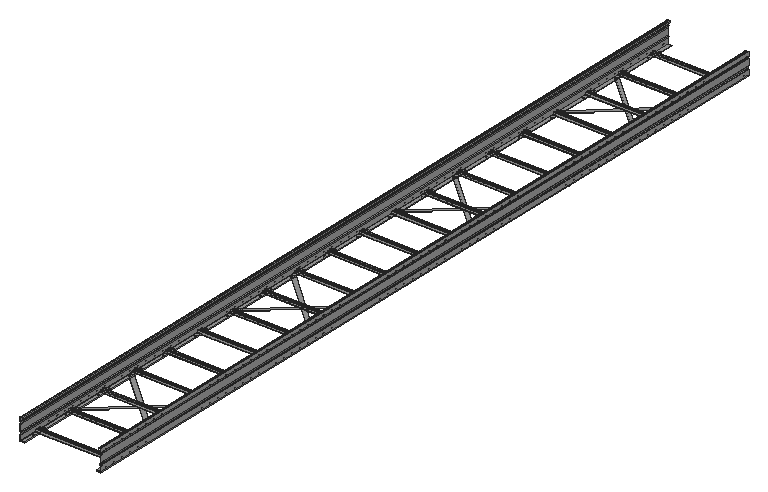
Revit family "WKLG 1660 03.09", category Generic Models, Revit 2017 (continued)
Automatic sketch dimensions
  Extrusion 137 sketch curve to Extrusion 137 sketch curve = 0.52 mm
  Extrusion 137 sketch curve to Extrusion 137 sketch curve = 0.5 mm  (x2)
  Extrusion 138 sketch curve to Extrusion 138 sketch curve = 0.505 mm
  Extrusion 138 sketch curve to Extrusion 138 sketch curve = 0.52 mm
  Extrusion 138 sketch curve to Extrusion 138 sketch curve = 0.5 mm  (x2)
  Extrusion 139 sketch curve to Extrusion 139 sketch curve = 0.505 mm
  Extrusion 139 sketch curve to Extrusion 139 sketch curve = 0.52 mm
  Extrusion 139 sketch curve to Extrusion 139 sketch curve = 0.5 mm  (x2)
  Extrusion 140 sketch curve to Extrusion 140 sketch curve = 0.505 mm
  Extrusion 140 sketch curve to Extrusion 140 sketch curve = 0.52 mm
  Extrusion 140 sketch curve to Extrusion 140 sketch curve = 0.5 mm  (x2)
  Extrusion 141 sketch curve to Extrusion 141 sketch curve = 0.505 mm
  Extrusion 141 sketch curve to Extrusion 141 sketch curve = 0.52 mm
  Extrusion 141 sketch curve to Extrusion 141 sketch curve = 0.5 mm  (x2)
  Extrusion 142 sketch curve to Extrusion 142 sketch curve = 0.505 mm
  Extrusion 142 sketch curve to Extrusion 142 sketch curve = 0.52 mm
  Extrusion 142 sketch curve to Extrusion 142 sketch curve = 0.5 mm  (x2)
  Extrusion 143 sketch curve to Extrusion 143 sketch curve = 0.505 mm
  Extrusion 143 sketch curve to Extrusion 143 sketch curve = 0.52 mm
  Extrusion 143 sketch curve to Extrusion 143 sketch curve = 0.5 mm  (x2)
  Extrusion 144 sketch curve to Extrusion 144 sketch curve = 0.505 mm
  Extrusion 144 sketch curve to Extrusion 144 sketch curve = 0.52 mm
  Extrusion 144 sketch curve to Extrusion 144 sketch curve = 0.5 mm  (x2)
  Extrusion 145 sketch curve to Extrusion 145 sketch curve = 0.505 mm
  Extrusion 145 sketch curve to Extrusion 145 sketch curve = 0.52 mm
  Extrusion 145 sketch curve to Extrusion 145 sketch curve = 0.5 mm  (x2)
  Extrusion 146 sketch curve to Extrusion 146 sketch curve = 0.505 mm
  Extrusion 146 sketch curve to Extrusion 146 sketch curve = 0.52 mm
  Extrusion 146 sketch curve to Extrusion 146 sketch curve = 0.5 mm  (x2)
  Extrusion 147 sketch curve to Extrusion 147 sketch curve = 0.505 mm
  Extrusion 147 sketch curve to Extrusion 147 sketch curve = 0.52 mm
  Extrusion 147 sketch curve to Extrusion 147 sketch curve = 0.5 mm  (x2)
  Extrusion 148 sketch curve to Extrusion 148 sketch curve = 0.505 mm
  Extrusion 148 sketch curve to Extrusion 148 sketch curve = 0.52 mm
  Extrusion 148 sketch curve to Extrusion 148 sketch curve = 0.5 mm  (x2)
  Extrusion 149 sketch curve to Extrusion 149 sketch curve = 0.505 mm
  Extrusion 149 sketch curve to Extrusion 149 sketch curve = 0.52 mm
  Extrusion 149 sketch curve to Extrusion 149 sketch curve = 0.5 mm  (x2)
  Extrusion 150 sketch curve to Extrusion 150 sketch curve = 0.505 mm
  Extrusion 150 sketch curve to Extrusion 150 sketch curve = 0.52 mm
  Extrusion 150 sketch curve to Extrusion 150 sketch curve = 0.5 mm  (x2)
  Extrusion 151 sketch curve to Extrusion 151 sketch curve = 0.505 mm
  Extrusion 151 sketch curve to Extrusion 151 sketch curve = 0.52 mm
  Extrusion 151 sketch curve to Extrusion 151 sketch curve = 0.5 mm  (x2)
  Extrusion 152 sketch curve to Extrusion 152 sketch curve = 0.505 mm
  Extrusion 152 sketch curve to Extrusion 152 sketch curve = 0.52 mm
  Extrusion 152 sketch curve to Extrusion 152 sketch curve = 0.5 mm  (x2)
  Extrusion 153 sketch curve to Extrusion 153 sketch curve = 0.505 mm
  Extrusion 153 sketch curve to Extrusion 153 sketch curve = 0.52 mm
  Extrusion 153 sketch curve to Extrusion 153 sketch curve = 0.5 mm  (x2)
  Extrusion 154 sketch curve to Extrusion 154 sketch curve = 0.505 mm
  Extrusion 154 sketch curve to Extrusion 154 sketch curve = 0.52 mm
  Extrusion 154 sketch curve to Extrusion 154 sketch curve = 0.5 mm  (x2)
  Extrusion 155 sketch curve to Extrusion 155 sketch curve = 0.505 mm
  Extrusion 155 sketch curve to Extrusion 155 sketch curve = 0.52 mm
  Extrusion 155 sketch curve to Extrusion 155 sketch curve = 0.5 mm  (x2)
  Extrusion 156 sketch curve to Extrusion 156 sketch curve = 0.505 mm
  Extrusion 156 sketch curve to Extrusion 156 sketch curve = 0.52 mm
  Extrusion 156 sketch curve to Extrusion 156 sketch curve = 0.5 mm  (x2)
  Extrusion 157 sketch curve to Extrusion 157 sketch curve = 0.505 mm
  Extrusion 157 sketch curve to Extrusion 157 sketch curve = 0.52 mm
  Extrusion 157 sketch curve to Extrusion 157 sketch curve = 0.5 mm  (x2)
  Extrusion 158 sketch curve to Extrusion 158 sketch curve = 0.505 mm
  Extrusion 158 sketch curve to Extrusion 158 sketch curve = 0.52 mm
  Extrusion 158 sketch curve to Extrusion 158 sketch curve = 0.5 mm  (x2)
  Extrusion 159 sketch curve to Extrusion 159 sketch curve = 0.505 mm
  Extrusion 159 sketch curve to Extrusion 159 sketch curve = 0.52 mm
  Extrusion 159 sketch curve to Extrusion 159 sketch curve = 0.5 mm  (x2)
  Extrusion 160 sketch curve to Extrusion 160 sketch curve = 0.505 mm
  Extrusion 160 sketch curve to Extrusion 160 sketch curve = 0.52 mm
  Extrusion 160 sketch curve to Extrusion 160 sketch curve = 0.5 mm  (x2)
  Extrusion 161 sketch curve to Extrusion 161 sketch curve = 0.505 mm
  Extrusion 161 sketch curve to Extrusion 161 sketch curve = 0.52 mm
  Extrusion 161 sketch curve to Extrusion 161 sketch curve = 0.5 mm  (x2)
  Extrusion 162 sketch curve to Extrusion 162 sketch curve = 0.5 mm  (x4)
  Extrusion 163 sketch curve to Extrusion 163 sketch curve = 0.5 mm  (x4)
  Extrusion 164 sketch curve to Extrusion 164 sketch curve = 0.5 mm  (x4)
  Extrusion 165 sketch curve to Extrusion 165 sketch curve = 0.5 mm  (x4)
  Extrusion 166 sketch curve to Extrusion 166 sketch curve = 0.5 mm  (x4)
  Extrusion 167 sketch curve to Extrusion 167 sketch curve = 0.5 mm  (x4)
  Extrusion 168 sketch curve to Extrusion 168 sketch curve = 0.5 mm  (x4)
  Extrusion 169 sketch curve to Extrusion 169 sketch curve = 0.5 mm  (x4)
  Extrusion 170 sketch curve to Extrusion 170 sketch curve = 0.5 mm  (x4)
  Extrusion 171 sketch curve to Extrusion 171 sketch curve = 0.5 mm  (x4)
  Extrusion 172 sketch curve to Extrusion 172 sketch curve = 0.5 mm  (x4)
  Extrusion 173 sketch curve to Extrusion 173 sketch curve = 0.5 mm  (x4)
  Extrusion 174 sketch curve to Extrusion 174 sketch curve = 0.5 mm  (x4)
  Extrusion 175 sketch curve to Extrusion 175 sketch curve = 0.5 mm  (x4)
  Extrusion 176 sketch curve to Extrusion 176 sketch curve = 0.5 mm  (x4)
  Extrusion 177 sketch curve to Extrusion 177 sketch curve = 0.5 mm  (x4)
  Extrusion 178 sketch curve to Extrusion 178 sketch curve = 0.5 mm  (x4)
  Extrusion 179 sketch curve to Extrusion 179 sketch curve = 0.5 mm  (x4)
  Extrusion 180 sketch curve to Extrusion 180 sketch curve = 0.5 mm  (x4)
  Extrusion 181 sketch curve to Extrusion 181 sketch curve = 0.5 mm  (x4)
  Extrusion 182 sketch curve to Extrusion 182 sketch curve = 0.5 mm  (x4)
  Extrusion 183 sketch curve to Extrusion 183 sketch curve = 0.5 mm  (x4)
  Extrusion 184 sketch curve to Extrusion 184 sketch curve = 0.5 mm  (x4)
  Extrusion 185 sketch curve to Extrusion 185 sketch curve = 0.5 mm  (x4)
  Extrusion 186 sketch curve to Extrusion 186 sketch curve = 0.5 mm  (x4)
  Extrusion 187 sketch curve to Extrusion 187 sketch curve = 0.5 mm  (x4)
  Extrusion 188 sketch curve to Extrusion 188 sketch curve = 0.5 mm  (x4)
  Extrusion 189 sketch curve to Extrusion 189 sketch curve = 0.5 mm  (x4)
  Extrusion 190 sketch curve to Extrusion 190 sketch curve = 0.5 mm  (x4)
  Extrusion 191 sketch curve to Extrusion 191 sketch curve = 0.5 mm  (x4)
  Extrusion 192 sketch curve to Extrusion 192 sketch curve = 0.5 mm  (x4)
  Extrusion 193 sketch curve to Extrusion 193 sketch curve = 0.5 mm  (x4)
  Extrusion 194 sketch curve to Extrusion 194 sketch curve = 0.5 mm  (x4)
  Extrusion 195 sketch curve to Extrusion 195 sketch curve = 0.5 mm  (x4)
  Extrusion 196 sketch curve to Extrusion 196 sketch curve = 0.5 mm  (x4)
  Extrusion 197 sketch curve to Extrusion 197 sketch curve = 0.5 mm  (x4)
  Extrusion 198 sketch curve to Extrusion 198 sketch curve = 0.5 mm  (x4)
  Extrusion 199 sketch curve to Extrusion 199 sketch curve = 0.5 mm  (x4)
  Extrusion 200 sketch curve to Extrusion 200 sketch curve = 0.5 mm  (x4)
  Extrusion 201 sketch curve to Extrusion 201 sketch curve = 0.5 mm  (x4)
  Extrusion 202 sketch curve to Extrusion 202 sketch curve = 0.5 mm  (x4)
  Extrusion 203 sketch curve to Extrusion 203 sketch curve = 0.5 mm  (x4)
  Extrusion 204 sketch curve to Extrusion 204 sketch curve = 0.5 mm  (x4)
  Extrusion 205 sketch curve to Extrusion 205 sketch curve = 0.5 mm  (x4)
  Extrusion 206 sketch curve to Extrusion 206 sketch curve = 0.5 mm  (x4)
  Extrusion 207 sketch curve to Extrusion 207 sketch curve = 0.5 mm  (x4)
  Extrusion 208 sketch curve to Extrusion 208 sketch curve = 0.5 mm  (x4)
  Extrusion 209 sketch curve to Extrusion 209 sketch curve = 0.5 mm  (x4)
  Extrusion 210 sketch curve to Extrusion 210 sketch curve = 0.5 mm  (x4)
  Extrusion 211 sketch curve to Extrusion 211 sketch curve = 0.5 mm  (x4)
  Extrusion 212 sketch curve to Extrusion 212 sketch curve = 0.5 mm  (x4)
  Extrusion 213 sketch curve to Extrusion 213 sketch curve = 0.5 mm  (x4)
  Extrusion 214 sketch curve to Extrusion 214 sketch curve = 0.5 mm  (x4)
  Extrusion 215 sketch curve to Extrusion 215 sketch curve = 0.5 mm  (x4)
  Extrusion 216 sketch curve to Extrusion 216 sketch curve = 0.5 mm  (x4)
  Extrusion 217 sketch curve to Extrusion 217 sketch curve = 0.5 mm  (x4)
  Extrusion 218 sketch curve to Extrusion 218 sketch curve = 0.5 mm  (x4)
  Extrusion 219 sketch curve to Extrusion 219 sketch curve = 0.5 mm  (x4)
  Extrusion 220 sketch curve to Extrusion 220 sketch curve = 0.5 mm  (x4)
  Extrusion 221 sketch curve to Extrusion 221 sketch curve = 0.5 mm  (x4)
  Extrusion 222 sketch curve to Extrusion 222 sketch curve = 0.5 mm  (x4)
  Extrusion 223 sketch curve to Extrusion 223 sketch curve = 0.5 mm  (x4)
  Extrusion 224 sketch curve to Extrusion 224 sketch curve = 0.5 mm  (x4)
  Extrusion 225 sketch curve to Extrusion 225 sketch curve = 0.5 mm  (x4)
  Extrusion 226 sketch curve to Extrusion 226 sketch curve = 0.5 mm  (x4)
  Extrusion 227 sketch curve to Extrusion 227 sketch curve = 0.5 mm  (x4)
  Extrusion 228 sketch curve to Extrusion 228 sketch curve = 0.5 mm  (x4)
  Extrusion 229 sketch curve to Extrusion 229 sketch curve = 0.5 mm  (x4)
  Extrusion 230 sketch curve to Extrusion 230 sketch curve = 0.5 mm  (x4)
  Extrusion 231 sketch curve to Extrusion 231 sketch curve = 0.5 mm  (x4)
  Extrusion 232 sketch curve to Extrusion 232 sketch curve = 0.5 mm  (x4)
  Extrusion 233 sketch curve to Extrusion 233 sketch curve = 0.5 mm  (x4)
  Extrusion 234 sketch curve to Extrusion 234 sketch curve = 0.5 mm  (x4)
  Extrusion 235 sketch curve to Extrusion 235 sketch curve = 0.5 mm  (x4)
  Extrusion 236 sketch curve to Extrusion 236 sketch curve = 0.5 mm  (x4)
  Extrusion 237 sketch curve to Extrusion 237 sketch curve = 0.5 mm  (x4)
  Extrusion 238 sketch curve to Extrusion 238 sketch curve = 0.5 mm  (x4)
  Extrusion 239 sketch curve to Extrusion 239 sketch curve = 0.5 mm  (x4)
  Extrusion 240 sketch curve to Extrusion 240 sketch curve = 0.5 mm  (x4)
  Extrusion 241 sketch curve to Extrusion 241 sketch curve = 0.5 mm  (x4)
  Extrusion 242 sketch curve to Extrusion 242 sketch curve = 0.5 mm  (x4)
  Extrusion 243 sketch curve to Extrusion 243 sketch curve = 0.5 mm  (x4)
  Extrusion 244 sketch curve to Extrusion 244 sketch curve = 0.5 mm  (x4)
  Extrusion 245 sketch curve to Extrusion 245 sketch curve = 0.5 mm  (x4)
  Extrusion 246 sketch curve to Extrusion 246 sketch curve = 0.5 mm  (x4)
  Extrusion 247 sketch curve to Extrusion 247 sketch curve = 0.5 mm  (x4)
  Extrusion 248 sketch curve to Extrusion 248 sketch curve = 0.5 mm  (x4)
  Extrusion 249 sketch curve to Extrusion 249 sketch curve = 0.5 mm  (x4)
  Extrusion 250 sketch curve to Extrusion 250 sketch curve = 0.5 mm  (x4)
  Extrusion 251 sketch curve to Extrusion 251 sketch curve = 0.5 mm  (x4)
  Extrusion 252 sketch curve to Extrusion 252 sketch curve = 0.5 mm  (x4)
  Extrusion 253 sketch curve to Extrusion 253 sketch curve = 0.5 mm  (x4)
  Extrusion 254 sketch curve to Extrusion 254 sketch curve = 0.5 mm  (x4)
  Extrusion 255 sketch curve to Extrusion 255 sketch curve = 0.5 mm  (x4)
  Extrusion 256 sketch curve to Extrusion 256 sketch curve = 0.5 mm  (x4)
  Extrusion 257 sketch curve to Extrusion 257 sketch curve = 0.5 mm  (x4)
  Extrusion 258 sketch curve to Extrusion 258 sketch curve = 0.5 mm  (x4)
  Extrusion 259 sketch curve to Extrusion 259 sketch curve = 0.5 mm  (x4)
  Extrusion 260 sketch curve to Extrusion 260 sketch curve = 0.5 mm  (x4)
  Extrusion 261 sketch curve to Extrusion 261 sketch curve = 0.5 mm  (x4)
  Extrusion 262 sketch curve to Extrusion 262 sketch curve = 0.5 mm  (x4)
  Extrusion 263 sketch curve to Extrusion 263 sketch curve = 0.5 mm  (x4)
  Extrusion 264 sketch curve to Extrusion 264 sketch curve = 0.5 mm  (x4)
  Extrusion 265 sketch curve to Extrusion 265 sketch curve = 0.5 mm  (x4)
  Extrusion 266 sketch curve to Extrusion 266 sketch curve = 0.5 mm  (x4)
  Extrusion 267 sketch curve to Extrusion 267 sketch curve = 0.5 mm  (x4)
  Extrusion 268 sketch curve to Extrusion 268 sketch curve = 0.5 mm  (x4)
  Extrusion 269 sketch curve to Extrusion 269 sketch curve = 0.5 mm  (x4)
  Extrusion 270 sketch curve to Extrusion 270 sketch curve = 0.5 mm  (x4)
  Extrusion 271 sketch curve to Extrusion 271 sketch curve = 0.5 mm  (x4)
  Extrusion 272 sketch curve to Extrusion 272 sketch curve = 0.5 mm  (x4)
  Extrusion 273 sketch curve to Extrusion 273 sketch curve = 0.5 mm  (x4)
  Extrusion 274 sketch curve to Extrusion 274 sketch curve = 0.5 mm  (x4)
  Extrusion 275 sketch curve to Extrusion 275 sketch curve = 0.5 mm  (x4)
  Extrusion 276 sketch curve to Extrusion 276 sketch curve = 0.5 mm  (x4)
  Extrusion 277 sketch curve to Extrusion 277 sketch curve = 0.5 mm  (x4)
  Extrusion 278 sketch curve to Extrusion 278 sketch curve = 0.5 mm  (x4)
  Extrusion 279 sketch curve to Extrusion 279 sketch curve = 0.5 mm  (x4)
  Extrusion 280 sketch curve to Extrusion 280 sketch curve = 0.5 mm  (x4)
  Extrusion 281 sketch curve to Extrusion 281 sketch curve = 0.5 mm  (x4)
  Extrusion 282 sketch curve to Extrusion 282 sketch curve = 0.5 mm  (x4)
  Extrusion 283 sketch curve to Extrusion 283 sketch curve = 0.5 mm  (x4)
  Extrusion 284 sketch curve to Extrusion 284 sketch curve = 0.5 mm  (x4)
  Extrusion 285 sketch curve to Extrusion 285 sketch curve = 0.5 mm  (x4)
  Extrusion 286 sketch curve to Extrusion 286 sketch curve = 0.5 mm  (x4)
  Extrusion 287 sketch curve to Extrusion 287 sketch curve = 0.5 mm  (x4)
  Extrusion 288 sketch curve to Extrusion 288 sketch curve = 0.5 mm  (x4)
  Extrusion 289 sketch curve to Extrusion 289 sketch curve = 0.5 mm  (x4)
  Extrusion 290 sketch curve to Extrusion 290 sketch curve = 0.5 mm  (x4)
  Extrusion 291 sketch curve to Extrusion 291 sketch curve = 0.5 mm  (x4)
  Extrusion 292 sketch curve to Extrusion 292 sketch curve = 0.5 mm  (x4)
  Extrusion 293 sketch curve to Extrusion 293 sketch curve = 0.5 mm  (x4)
  Extrusion 294 sketch curve to Extrusion 294 sketch curve = 0.5 mm  (x4)
  Extrusion 295 sketch curve to Extrusion 295 sketch curve = 0.5 mm  (x4)
  Extrusion 296 sketch curve to Extrusion 296 sketch curve = 0.5 mm  (x4)
  Extrusion 297 sketch curve to Extrusion 297 sketch curve = 0.5 mm  (x4)
  Extrusion 298 sketch curve to Extrusion 298 sketch curve = 0.5 mm  (x4)
  Extrusion 299 sketch curve to Extrusion 299 sketch curve = 0.5 mm  (x4)
  Extrusion 300 sketch curve to Extrusion 300 sketch curve = 0.5 mm  (x4)
  Extrusion 301 sketch curve to Extrusion 301 sketch curve = 0.5 mm  (x4)
  Extrusion 302 sketch curve to Extrusion 302 sketch curve = 0.5 mm  (x4)
  Extrusion 303 sketch curve to Extrusion 303 sketch curve = 0.5 mm  (x4)
  Extrusion 304 sketch curve to Extrusion 304 sketch curve = 0.5 mm  (x4)
  Extrusion 305 sketch curve to Extrusion 305 sketch curve = 0.5 mm  (x4)
  Extrusion 306 sketch curve to Extrusion 306 sketch curve = 0.5 mm  (x4)
  Extrusion 307 sketch curve to Extrusion 307 sketch curve = 0.5 mm  (x4)
  Extrusion 308 sketch curve to Extrusion 308 sketch curve = 0.5 mm  (x4)
  Extrusion 309 sketch curve to Extrusion 309 sketch curve = 0.5 mm  (x4)
  Extrusion 310 sketch curve to Extrusion 310 sketch curve = 0.5 mm  (x4)
  Extrusion 311 sketch curve to Extrusion 311 sketch curve = 0.5 mm  (x4)
  Extrusion 312 sketch curve to Extrusion 312 sketch curve = 0.5 mm  (x4)
  Extrusion 313 sketch curve to Extrusion 313 sketch curve = 0.5 mm  (x4)
  Extrusion 314 sketch curve to Extrusion 314 sketch curve = 0.5 mm  (x4)
  Extrusion 315 sketch curve to Extrusion 315 sketch curve = 0.5 mm  (x4)
  Extrusion 316 sketch curve to Extrusion 316 sketch curve = 0.5 mm  (x4)
  Extrusion 317 sketch curve to Extrusion 317 sketch curve = 0.5 mm  (x4)
  Extrusion 318 sketch curve to Extrusion 318 sketch curve = 0.5 mm  (x4)
  Extrusion 319 sketch curve to Extrusion 319 sketch curve = 0.5 mm  (x4)
  Extrusion 320 sketch curve to Extrusion 320 sketch curve = 0.5 mm  (x4)
  Extrusion 321 sketch curve to Extrusion 321 sketch curve = 0.5 mm  (x4)
  Extrusion 323 sketch curve to plane 23 = 2.5 mm
  Extrusion 324 sketch curve to plane 24 = 2.5 mm
  Extrusion 325 sketch curve to plane 25 = 2.5 mm
  Extrusion 326 sketch curve to plane 26 = 2.5 mm
  Extrusion 327 sketch curve to plane 27 = 2.5 mm
  Extrusion 328 sketch curve to plane 28 = 2.5 mm
  Extrusion 329 sketch curve to plane 29 = 2.5 mm
  Extrusion 330 sketch curve to plane 30 = 2.5 mm
  Extrusion 331 sketch curve to plane 31 = 2.5 mm
  Extrusion 332 sketch curve to plane 32 = 2.5 mm
  Extrusion 333 sketch curve to plane 33 = 2.5 mm
  Extrusion 334 sketch curve to plane 34 = 2.5 mm
  Extrusion 335 sketch curve to plane 35 = 2.5 mm
  Extrusion 336 sketch curve to plane 36 = 2.5 mm
  Extrusion 337 sketch curve to plane 37 = 2.5 mm
  Extrusion 338 sketch curve to plane 38 = 2.5 mm
  Extrusion 339 sketch curve to plane 39 = 2.5 mm
  Extrusion 340 sketch curve to plane 40 = 2.5 mm
  Extrusion 341 sketch curve to plane 41 = 2.5 mm
  Extrusion 342 sketch curve to plane 42 = 2.5 mm
  Extrusion 343 sketch curve to plane 44 = 2.493 mm
  Extrusion 344 sketch curve to plane 45 = 2.493 mm
  Extrusion 345 sketch curve to plane 46 = 2.493 mm
  Extrusion 346 sketch curve to plane 47 = 2.493 mm
  Extrusion 347 sketch curve to plane 48 = 2.493 mm
  Extrusion 348 sketch curve to plane 49 = 2.493 mm
  Extrusion 349 sketch curve to plane 50 = 2.493 mm
  Extrusion 350 sketch curve to plane 51 = 2.493 mm
  Extrusion 351 sketch curve to plane 52 = 2.493 mm
  Extrusion 352 sketch curve to plane 53 = 2.493 mm
  Extrusion 353 sketch curve to plane 54 = 2.493 mm
  Extrusion 354 sketch curve to plane 55 = 2.493 mm
  Extrusion 355 sketch curve to plane 56 = 2.493 mm
  Extrusion 356 sketch curve to plane 57 = 2.493 mm
  Extrusion 357 sketch curve to plane 58 = 2.493 mm
  Extrusion 358 sketch curve to plane 59 = 2.493 mm
  Extrusion 359 sketch curve to plane 60 = 2.493 mm
  Extrusion 360 sketch curve to plane 61 = 2.493 mm
  Extrusion 361 sketch curve to plane 62 = 2.493 mm
  Extrusion 362 sketch curve to plane 63 = 2.493 mm
  plane 65 to Extrusion 363 sketch curve = 2.5 mm
  plane 66 to Extrusion 364 sketch curve = 2.5 mm
  plane 67 to Extrusion 365 sketch curve = 2.5 mm
  plane 68 to Extrusion 366 sketch curve = 2.5 mm
  plane 69 to Extrusion 367 sketch curve = 2.5 mm
  plane 70 to Extrusion 368 sketch curve = 2.5 mm
  plane 71 to Extrusion 369 sketch curve = 2.5 mm
  plane 72 to Extrusion 370 sketch curve = 2.5 mm
  plane 73 to Extrusion 371 sketch curve = 2.5 mm
  plane 74 to Extrusion 372 sketch curve = 2.5 mm
  plane 75 to Extrusion 373 sketch curve = 2.5 mm
  plane 76 to Extrusion 374 sketch curve = 2.5 mm
  plane 77 to Extrusion 375 sketch curve = 2.5 mm
  plane 78 to Extrusion 376 sketch curve = 2.5 mm
  plane 79 to Extrusion 377 sketch curve = 2.5 mm
  plane 80 to Extrusion 378 sketch curve = 2.5 mm
  plane 81 to Extrusion 379 sketch curve = 2.5 mm
  plane 82 to Extrusion 380 sketch curve = 2.5 mm
  plane 83 to Extrusion 381 sketch curve = 2.5 mm
  plane 84 to Extrusion 382 sketch curve = 2.5 mm
  plane 86 to Extrusion 383 sketch curve = 2.5 mm
  plane 87 to Extrusion 384 sketch curve = 2.5 mm
  plane 88 to Extrusion 385 sketch curve = 2.5 mm
  plane 89 to Extrusion 386 sketch curve = 2.5 mm
  plane 90 to Extrusion 387 sketch curve = 2.5 mm
  plane 91 to Extrusion 388 sketch curve = 2.5 mm
  plane 92 to Extrusion 389 sketch curve = 2.5 mm
  plane 93 to Extrusion 390 sketch curve = 2.5 mm
  plane 94 to Extrusion 391 sketch curve = 2.5 mm
  plane 95 to Extrusion 392 sketch curve = 2.5 mm
  plane 96 to Extrusion 393 sketch curve = 2.5 mm
  plane 97 to Extrusion 394 sketch curve = 2.5 mm
  plane 98 to Extrusion 395 sketch curve = 2.5 mm
  plane 99 to Extrusion 396 sketch curve = 2.5 mm
  plane 100 to Extrusion 397 sketch curve = 2.5 mm
  plane 101 to Extrusion 398 sketch curve = 2.5 mm
  plane 102 to Extrusion 399 sketch curve = 2.5 mm
  plane 103 to Extrusion 400 sketch curve = 2.5 mm
  plane 104 to Extrusion 401 sketch curve = 2.5 mm
  plane 105 to Extrusion 402 sketch curve = 2.5 mm
  Extrusion 404 sketch curve to plane 114 = 0 mm
  Extrusion 404 sketch curve to Extrusion 404 sketch curve = 0.978 mm  (x3)
  Extrusion 404 sketch curve to Extrusion 404 sketch curve = 0.876 mm  (x2)
  Extrusion 404 sketch curve to plane 114 = 0.791 mm  (x2)
  Extrusion 404 sketch curve to plane 114 = 2.291 mm  (x2)
  Extrusion 404 sketch curve to Extrusion 404 sketch curve = 0.236 mm  (x2)
  Extrusion 404 sketch curve to Extrusion 404 sketch curve = 3.651 mm
  Extrusion 404 sketch curve to Extrusion 404 sketch curve = 3.977 mm
  Extrusion 404 sketch curve to Extrusion 404 sketch curve = 2.346 mm
  Extrusion 404 sketch curve to plane 114 = 14.791 mm
  Extrusion 404 sketch curve to Extrusion 404 sketch curve = 1.132 mm
  Extrusion 1 sketch curve to Extrusion 1 sketch curve = 0 mm  (x13)
  Extrusion 1 sketch curve to level = 0 mm  (x2)
  Extrusion 1 sketch curve to plane 22 = 0 mm
  Extrusion 1 sketch curve to plane 11 = 0 mm
  plane 5 to Extrusion 1 sketch curve = 0.447 mm
  Extrusion 1 sketch curve to Extrusion 1 sketch curve = 0.363 mm
  Extrusion 1 sketch curve to plane 106 = 12.5 mm  (x2)
  Extrusion 1 sketch curve to plane 11 = 0.443 mm
  Extrusion 1 sketch curve to plane 10 = 0.393 mm
  Extrusion 1 sketch curve to Extrusion 1 sketch curve = 0.173 mm  (x2)
  plane 9 to Extrusion 1 sketch curve = 2.345 mm
  Extrusion 1 sketch curve to Extrusion 1 sketch curve = 0.187 mm  (x4)
  plane 11 to Extrusion 1 sketch curve = 0.402 mm
  Extrusion 1 sketch curve to plane 6 = 9.942 mm
  Extrusion 1 sketch curve to Extrusion 1 sketch curve = 0.268 mm  (x4)
  plane 6 to Extrusion 1 sketch curve = 0.246 mm
  Extrusion 1 sketch curve to Extrusion 1 sketch curve = 0.108 mm
  plane 14 to Extrusion 1 sketch curve = 1.46 mm  (x3)
  Extrusion 1 sketch curve to Extrusion 1 sketch curve = 1.5 mm  (x2)
  Extrusion 1 sketch curve to Extrusion 1 sketch curve = 2 mm  (x8)
  plane 10 to Extrusion 1 sketch curve = 0.032 mm
  Extrusion 1 sketch curve to plane 11 = 0.042 mm
  plane 9 to Extrusion 1 sketch curve = 1.902 mm
  plane 10 to Extrusion 1 sketch curve = 0.846 mm
  Extrusion 1 sketch curve to Extrusion 1 sketch curve = 1.732 mm
  Extrusion 1 sketch curve to plane 11 = 0.887 mm
  Extrusion 1 sketch curve to plane 22 = 1.5 mm
  plane 22 to Extrusion 1 sketch curve = 0.5 mm
  plane 3 "Center (Left/Right)" to Extrusion 1 sketch curve = 265 mm
  Extrusion 1 sketch curve to Extrusion 1 sketch curve = 15 mm
  plane 6 to Extrusion 1 sketch curve = 3.204 mm
  Extrusion 1 sketch curve to Extrusion 1 sketch curve = 28.693 mm
  Extrusion 1 sketch curve to plane 6 = 3.254 mm
  Extrusion 1 sketch curve to Extrusion 1 sketch curve = 0.282 mm
  plane 6 to Extrusion 1 sketch curve = 2.359 mm
  Extrusion 1 sketch curve to Extrusion 1 sketch curve = 1.813 mm
  Extrusion 1 sketch curve to plane 6 = 2.254 mm
  Extrusion 1 sketch curve to Extrusion 1 sketch curve = 2.025 mm
  Extrusion 1 sketch curve to Extrusion 1 sketch curve = 2.307 mm
  Extrusion 1 sketch curve to plane 10 = 3.429 mm
  Extrusion 1 sketch curve to Extrusion 1 sketch curve = 14 mm
  plane 9 to Extrusion 1 sketch curve = 6.472 mm
  Extrusion 1 sketch curve to plane 5 = 3.409 mm
  Extrusion 1 sketch curve to Extrusion 1 sketch curve = 0.065 mm
  plane 5 to Extrusion 1 sketch curve = 3.331 mm
  Extrusion 1 sketch curve to Extrusion 1 sketch curve = 0.208 mm
  plane 14 to Extrusion 1 sketch curve = 3.46 mm
  Extrusion 1 sketch curve to Extrusion 1 sketch curve = 13 mm
  level to Extrusion 1 sketch curve = 3.5 mm
  Extrusion 1 sketch curve to Extrusion 1 sketch curve = 31.5 mm
  plane 5 to Extrusion 1 sketch curve = 5.971 mm
  Extrusion 1 sketch curve to plane 6 = 9.762 mm
  Extrusion 1 sketch curve to plane 5 = 2.484 mm
  Extrusion 1 sketch curve to Extrusion 1 sketch curve = 1.773 mm
  plane 5 to Extrusion 1 sketch curve = 2.331 mm
  Extrusion 1 sketch curve to plane 6 = 9.226 mm
  Extrusion 1 sketch curve to plane 10 = 4.845 mm
  level to Extrusion 1 sketch curve = 2 mm
  Extrusion 1 sketch curve to Extrusion 1 sketch curve = 6.5 mm
  Extrusion 322 sketch curve to plane 20 = 0 mm
  Extrusion 322 sketch curve to Extrusion 322 sketch curve = 0.978 mm  (x4)
  Extrusion 322 sketch curve to Extrusion 322 sketch curve = 0.876 mm  (x2)
  Extrusion 322 sketch curve to plane 20 = 0.791 mm
  Extrusion 322 sketch curve to Extrusion 322 sketch curve = 1.132 mm
  Extrusion 322 sketch curve to plane 20 = 2.291 mm  (x2)
  Extrusion 322 sketch curve to Extrusion 322 sketch curve = 0.236 mm
  Extrusion 322 sketch curve to Extrusion 322 sketch curve = 3.651 mm
  Extrusion 322 sketch curve to Extrusion 322 sketch curve = 3.977 mm
  Extrusion 322 sketch curve to plane 20 = 1 mm
  Extrusion 322 sketch curve to Extrusion 322 sketch curve = 2.346 mm
  Extrusion 403 sketch curve to plane 107 = 0 mm
  Extrusion 403 sketch curve to plane 109 = 0 mm
  Extrusion 403 sketch curve to plane 108 = 0 mm
  Extrusion 405 sketch curve to plane 19 = 0 mm  (x4)
  Extrusion 405 sketch curve to plane 106 = 0 mm
  Extrusion 405 sketch curve to plane 115 = 0 mm
  Extrusion 405 sketch curve to plane 117 = 0 mm
  Extrusion 405 sketch curve to plane 116 = 0 mm
  Extrusion 322 sketch curve to plane 20 = 14.791 mm
  plane 110 to Extrusion 403 sketch curve = 2.75 mm
  Extrusion 403 sketch curve to Extrusion 403 sketch curve = 0 mm  (x3)
  Extrusion 406 sketch curve to plane 122 = 0 mm
  Extrusion 406 sketch curve to Extrusion 406 sketch curve = 0.978 mm  (x4)
  Extrusion 406 sketch curve to Extrusion 406 sketch curve = 0.876 mm  (x2)
  Extrusion 406 sketch curve to plane 122 = 0.791 mm
  Extrusion 406 sketch curve to Extrusion 406 sketch curve = 1.132 mm
  Extrusion 406 sketch curve to plane 122 = 2.291 mm  (x2)
  Extrusion 406 sketch curve to Extrusion 406 sketch curve = 0.236 mm
  Extrusion 406 sketch curve to Extrusion 406 sketch curve = 3.651 mm
  Extrusion 406 sketch curve to Extrusion 406 sketch curve = 3.977 mm
  Extrusion 406 sketch curve to plane 122 = 1 mm
  Extrusion 406 sketch curve to Extrusion 406 sketch curve = 2.346 mm
  Extrusion 407 sketch curve to plane 123 = 0 mm
  Extrusion 407 sketch curve to plane 125 = 0 mm
  Extrusion 407 sketch curve to plane 124 = 0 mm
  Extrusion 406 sketch curve to plane 122 = 14.791 mm
  plane 126 to Extrusion 407 sketch curve = 2.75 mm
  Extrusion 407 sketch curve to Extrusion 407 sketch curve = 0 mm  (x3)
  Extrusion 408 sketch curve to plane 130 = 0 mm
  Extrusion 408 sketch curve to Extrusion 408 sketch curve = 0.978 mm  (x4)
  Extrusion 408 sketch curve to Extrusion 408 sketch curve = 0.876 mm  (x2)
  Extrusion 408 sketch curve to plane 130 = 0.791 mm
  Extrusion 408 sketch curve to Extrusion 408 sketch curve = 1.132 mm
  Extrusion 408 sketch curve to plane 130 = 2.291 mm  (x2)
  Extrusion 408 sketch curve to Extrusion 408 sketch curve = 0.236 mm
  Extrusion 408 sketch curve to Extrusion 408 sketch curve = 3.651 mm
  Extrusion 408 sketch curve to Extrusion 408 sketch curve = 3.977 mm
  Extrusion 408 sketch curve to plane 130 = 1 mm
  Extrusion 408 sketch curve to Extrusion 408 sketch curve = 2.346 mm
  Extrusion 409 sketch curve to plane 131 = 0 mm
  Extrusion 409 sketch curve to plane 133 = 0 mm
  Extrusion 409 sketch curve to plane 132 = 0 mm
  Extrusion 408 sketch curve to plane 130 = 14.791 mm
  plane 134 to Extrusion 409 sketch curve = 2.75 mm
  Extrusion 409 sketch curve to Extrusion 409 sketch curve = 0 mm  (x3)
  Extrusion 410 sketch curve to plane 138 = 0 mm
  Extrusion 410 sketch curve to Extrusion 410 sketch curve = 0.978 mm  (x4)
  Extrusion 410 sketch curve to Extrusion 410 sketch curve = 0.876 mm  (x2)
  Extrusion 410 sketch curve to plane 138 = 0.791 mm
  Extrusion 410 sketch curve to Extrusion 410 sketch curve = 1.132 mm
  Extrusion 410 sketch curve to plane 138 = 2.291 mm  (x2)
  Extrusion 410 sketch curve to Extrusion 410 sketch curve = 0.236 mm
  Extrusion 410 sketch curve to Extrusion 410 sketch curve = 3.651 mm
  Extrusion 410 sketch curve to Extrusion 410 sketch curve = 3.977 mm
  Extrusion 410 sketch curve to plane 138 = 1 mm
  Extrusion 410 sketch curve to Extrusion 410 sketch curve = 2.346 mm
  Extrusion 411 sketch curve to plane 139 = 0 mm
  Extrusion 411 sketch curve to plane 141 = 0 mm
  Extrusion 411 sketch curve to plane 140 = 0 mm
  Extrusion 410 sketch curve to plane 138 = 14.791 mm
  plane 142 to Extrusion 411 sketch curve = 2.75 mm
  Extrusion 411 sketch curve to Extrusion 411 sketch curve = 0 mm  (x3)
  Extrusion 412 sketch curve to plane 146 = 0 mm
  Extrusion 412 sketch curve to Extrusion 412 sketch curve = 0.978 mm  (x4)
  Extrusion 412 sketch curve to Extrusion 412 sketch curve = 0.876 mm  (x2)
  Extrusion 412 sketch curve to plane 146 = 0.791 mm
  Extrusion 412 sketch curve to Extrusion 412 sketch curve = 1.132 mm
  Extrusion 412 sketch curve to plane 146 = 2.291 mm  (x2)
  Extrusion 412 sketch curve to Extrusion 412 sketch curve = 0.236 mm
  Extrusion 412 sketch curve to Extrusion 412 sketch curve = 3.651 mm
  Extrusion 412 sketch curve to Extrusion 412 sketch curve = 3.977 mm
  Extrusion 412 sketch curve to plane 146 = 1 mm
  Extrusion 412 sketch curve to Extrusion 412 sketch curve = 2.346 mm
  Extrusion 413 sketch curve to plane 147 = 0 mm
  Extrusion 413 sketch curve to plane 149 = 0 mm
  Extrusion 413 sketch curve to plane 148 = 0 mm
  Extrusion 412 sketch curve to plane 146 = 14.791 mm
  plane 150 to Extrusion 413 sketch curve = 2.75 mm
  Extrusion 413 sketch curve to Extrusion 413 sketch curve = 0 mm  (x3)
  Extrusion 414 sketch curve to plane 154 = 0 mm
  Extrusion 414 sketch curve to Extrusion 414 sketch curve = 0.978 mm  (x4)
  Extrusion 414 sketch curve to Extrusion 414 sketch curve = 0.876 mm  (x2)
  Extrusion 414 sketch curve to plane 154 = 0.791 mm
  Extrusion 414 sketch curve to Extrusion 414 sketch curve = 1.132 mm
  Extrusion 414 sketch curve to plane 154 = 2.291 mm  (x2)
  Extrusion 414 sketch curve to Extrusion 414 sketch curve = 0.236 mm
  Extrusion 414 sketch curve to Extrusion 414 sketch curve = 3.651 mm
  Extrusion 414 sketch curve to Extrusion 414 sketch curve = 3.977 mm
  Extrusion 414 sketch curve to plane 154 = 1 mm
  Extrusion 414 sketch curve to Extrusion 414 sketch curve = 2.346 mm
  Extrusion 415 sketch curve to plane 155 = 0 mm
  Extrusion 415 sketch curve to plane 157 = 0 mm
  Extrusion 415 sketch curve to plane 156 = 0 mm
  Extrusion 414 sketch curve to plane 154 = 14.791 mm
  plane 158 to Extrusion 415 sketch curve = 2.75 mm
  Extrusion 415 sketch curve to Extrusion 415 sketch curve = 0 mm  (x3)
  Extrusion 416 sketch curve to plane 162 = 0 mm
  Extrusion 416 sketch curve to Extrusion 416 sketch curve = 0.978 mm  (x4)
  Extrusion 416 sketch curve to Extrusion 416 sketch curve = 0.876 mm  (x2)
  Extrusion 416 sketch curve to plane 162 = 0.791 mm
  Extrusion 416 sketch curve to Extrusion 416 sketch curve = 1.132 mm
  Extrusion 416 sketch curve to plane 162 = 2.291 mm  (x2)
  Extrusion 416 sketch curve to Extrusion 416 sketch curve = 0.236 mm
  Extrusion 416 sketch curve to Extrusion 416 sketch curve = 3.651 mm
  Extrusion 416 sketch curve to Extrusion 416 sketch curve = 3.977 mm
  Extrusion 416 sketch curve to plane 162 = 1 mm
  Extrusion 416 sketch curve to Extrusion 416 sketch curve = 2.346 mm
  Extrusion 417 sketch curve to plane 163 = 0 mm
  Extrusion 417 sketch curve to plane 165 = 0 mm
  Extrusion 417 sketch curve to plane 164 = 0 mm
  Extrusion 416 sketch curve to plane 162 = 14.791 mm
  plane 166 to Extrusion 417 sketch curve = 2.75 mm
  Extrusion 417 sketch curve to Extrusion 417 sketch curve = 0 mm  (x3)
  Extrusion 418 sketch curve to plane 170 = 0 mm
  Extrusion 418 sketch curve to Extrusion 418 sketch curve = 0.978 mm  (x4)
  Extrusion 418 sketch curve to Extrusion 418 sketch curve = 0.876 mm  (x2)
  Extrusion 418 sketch curve to plane 170 = 0.791 mm
  Extrusion 418 sketch curve to Extrusion 418 sketch curve = 1.132 mm
  Extrusion 418 sketch curve to plane 170 = 2.291 mm  (x2)
  Extrusion 418 sketch curve to Extrusion 418 sketch curve = 0.236 mm
  Extrusion 418 sketch curve to Extrusion 418 sketch curve = 3.651 mm
  Extrusion 418 sketch curve to Extrusion 418 sketch curve = 3.977 mm
  Extrusion 418 sketch curve to plane 170 = 1 mm
  Extrusion 418 sketch curve to Extrusion 418 sketch curve = 2.346 mm
  Extrusion 419 sketch curve to plane 171 = 0 mm
  Extrusion 419 sketch curve to plane 173 = 0 mm
  Extrusion 419 sketch curve to plane 172 = 0 mm
  Extrusion 418 sketch curve to plane 170 = 14.791 mm
  plane 174 to Extrusion 419 sketch curve = 2.75 mm
  Extrusion 419 sketch curve to Extrusion 419 sketch curve = 0 mm  (x3)
  Extrusion 420 sketch curve to plane 178 = 0 mm
  Extrusion 420 sketch curve to Extrusion 420 sketch curve = 0.978 mm  (x4)
  Extrusion 420 sketch curve to Extrusion 420 sketch curve = 0.876 mm  (x2)
  Extrusion 420 sketch curve to plane 178 = 0.791 mm
  Extrusion 420 sketch curve to Extrusion 420 sketch curve = 1.132 mm
  Extrusion 420 sketch curve to plane 178 = 2.291 mm  (x2)
  Extrusion 420 sketch curve to Extrusion 420 sketch curve = 0.236 mm
  Extrusion 420 sketch curve to Extrusion 420 sketch curve = 3.651 mm
  Extrusion 420 sketch curve to Extrusion 420 sketch curve = 3.977 mm
  Extrusion 420 sketch curve to plane 178 = 1 mm
  Extrusion 420 sketch curve to Extrusion 420 sketch curve = 2.346 mm
  Extrusion 421 sketch curve to plane 179 = 0 mm
  Extrusion 421 sketch curve to plane 181 = 0 mm
  Extrusion 421 sketch curve to plane 180 = 0 mm
  Extrusion 420 sketch curve to plane 178 = 14.791 mm
  plane 182 to Extrusion 421 sketch curve = 2.75 mm
  Extrusion 421 sketch curve to Extrusion 421 sketch curve = 0 mm  (x3)
  Extrusion 422 sketch curve to plane 186 = 0 mm
  Extrusion 422 sketch curve to Extrusion 422 sketch curve = 0.978 mm  (x4)
  Extrusion 422 sketch curve to Extrusion 422 sketch curve = 0.876 mm  (x2)
  Extrusion 422 sketch curve to plane 186 = 0.791 mm
  Extrusion 422 sketch curve to Extrusion 422 sketch curve = 1.132 mm
  Extrusion 422 sketch curve to plane 186 = 2.291 mm  (x2)
  Extrusion 422 sketch curve to Extrusion 422 sketch curve = 0.236 mm
  Extrusion 422 sketch curve to Extrusion 422 sketch curve = 3.651 mm
  Extrusion 422 sketch curve to Extrusion 422 sketch curve = 3.977 mm
  Extrusion 422 sketch curve to plane 186 = 1 mm
  Extrusion 422 sketch curve to Extrusion 422 sketch curve = 2.346 mm
  Extrusion 423 sketch curve to plane 187 = 0 mm
  Extrusion 423 sketch curve to plane 189 = 0 mm
  Extrusion 423 sketch curve to plane 188 = 0 mm
  Extrusion 422 sketch curve to plane 186 = 14.791 mm
  plane 190 to Extrusion 423 sketch curve = 2.75 mm
  Extrusion 423 sketch curve to Extrusion 423 sketch curve = 0 mm  (x3)
  Extrusion 424 sketch curve to plane 194 = 0 mm
  Extrusion 424 sketch curve to Extrusion 424 sketch curve = 0.978 mm  (x4)
  Extrusion 424 sketch curve to Extrusion 424 sketch curve = 0.876 mm  (x2)
  Extrusion 424 sketch curve to plane 194 = 0.791 mm
  Extrusion 424 sketch curve to Extrusion 424 sketch curve = 1.132 mm
  Extrusion 424 sketch curve to plane 194 = 2.291 mm  (x2)
  Extrusion 424 sketch curve to Extrusion 424 sketch curve = 0.236 mm
  Extrusion 424 sketch curve to Extrusion 424 sketch curve = 3.651 mm
  Extrusion 424 sketch curve to Extrusion 424 sketch curve = 3.977 mm
  Extrusion 424 sketch curve to plane 194 = 1 mm
  Extrusion 424 sketch curve to Extrusion 424 sketch curve = 2.346 mm
  Extrusion 425 sketch curve to plane 195 = 0 mm
  Extrusion 425 sketch curve to plane 197 = 0 mm
  Extrusion 425 sketch curve to plane 196 = 0 mm
  Extrusion 424 sketch curve to plane 194 = 14.791 mm
  plane 198 to Extrusion 425 sketch curve = 2.75 mm
  Extrusion 425 sketch curve to Extrusion 425 sketch curve = 0 mm  (x3)
  Extrusion 426 sketch curve to plane 202 = 0 mm
  Extrusion 426 sketch curve to Extrusion 426 sketch curve = 0.978 mm  (x4)
  Extrusion 426 sketch curve to Extrusion 426 sketch curve = 0.876 mm  (x2)
  Extrusion 426 sketch curve to plane 202 = 0.791 mm
  Extrusion 426 sketch curve to Extrusion 426 sketch curve = 1.132 mm
  Extrusion 426 sketch curve to plane 202 = 2.291 mm  (x2)
  Extrusion 426 sketch curve to Extrusion 426 sketch curve = 0.236 mm
  Extrusion 426 sketch curve to Extrusion 426 sketch curve = 3.651 mm
  Extrusion 426 sketch curve to Extrusion 426 sketch curve = 3.977 mm
  Extrusion 426 sketch curve to plane 202 = 1 mm
  Extrusion 426 sketch curve to Extrusion 426 sketch curve = 2.346 mm
  Extrusion 427 sketch curve to plane 203 = 0 mm
  Extrusion 427 sketch curve to plane 205 = 0 mm
  Extrusion 427 sketch curve to plane 204 = 0 mm
  Extrusion 426 sketch curve to plane 202 = 14.791 mm
  plane 206 to Extrusion 427 sketch curve = 2.75 mm
  Extrusion 427 sketch curve to Extrusion 427 sketch curve = 0 mm  (x3)
  Extrusion 428 sketch curve to plane 210 = 0 mm
  Extrusion 428 sketch curve to Extrusion 428 sketch curve = 0.978 mm  (x4)
  Extrusion 428 sketch curve to Extrusion 428 sketch curve = 0.876 mm  (x2)
  Extrusion 428 sketch curve to plane 210 = 0.791 mm
  Extrusion 428 sketch curve to Extrusion 428 sketch curve = 1.132 mm
  Extrusion 428 sketch curve to plane 210 = 2.291 mm  (x2)
  Extrusion 428 sketch curve to Extrusion 428 sketch curve = 0.236 mm
  Extrusion 428 sketch curve to Extrusion 428 sketch curve = 3.651 mm
  Extrusion 428 sketch curve to Extrusion 428 sketch curve = 3.977 mm
  Extrusion 428 sketch curve to plane 210 = 1 mm
  Extrusion 428 sketch curve to Extrusion 428 sketch curve = 2.346 mm
  Extrusion 429 sketch curve to plane 211 = 0 mm
  Extrusion 429 sketch curve to plane 213 = 0 mm
  Extrusion 429 sketch curve to plane 212 = 0 mm
  Extrusion 428 sketch curve to plane 210 = 14.791 mm
  plane 214 to Extrusion 429 sketch curve = 2.75 mm
  Extrusion 429 sketch curve to Extrusion 429 sketch curve = 0 mm  (x3)
  Extrusion 430 sketch curve to plane 218 = 0 mm
  Extrusion 430 sketch curve to Extrusion 430 sketch curve = 0.978 mm  (x4)
  Extrusion 430 sketch curve to Extrusion 430 sketch curve = 0.876 mm  (x2)
  Extrusion 430 sketch curve to plane 218 = 0.791 mm
  Extrusion 430 sketch curve to Extrusion 430 sketch curve = 1.132 mm
  Extrusion 430 sketch curve to plane 218 = 2.291 mm  (x2)
  Extrusion 430 sketch curve to Extrusion 430 sketch curve = 0.236 mm
  Extrusion 430 sketch curve to Extrusion 430 sketch curve = 3.651 mm
  Extrusion 430 sketch curve to Extrusion 430 sketch curve = 3.977 mm
  Extrusion 430 sketch curve to plane 218 = 1 mm
  Extrusion 430 sketch curve to Extrusion 430 sketch curve = 2.346 mm
  Extrusion 431 sketch curve to plane 219 = 0 mm
  Extrusion 431 sketch curve to plane 221 = 0 mm
  Extrusion 431 sketch curve to plane 220 = 0 mm
  Extrusion 430 sketch curve to plane 218 = 14.791 mm
  plane 222 to Extrusion 431 sketch curve = 2.75 mm
  Extrusion 431 sketch curve to Extrusion 431 sketch curve = 0 mm  (x3)
  Extrusion 432 sketch curve to plane 226 = 0 mm
  Extrusion 432 sketch curve to Extrusion 432 sketch curve = 0.978 mm  (x4)
  Extrusion 432 sketch curve to Extrusion 432 sketch curve = 0.876 mm  (x2)
  Extrusion 432 sketch curve to plane 226 = 0.791 mm
  Extrusion 432 sketch curve to Extrusion 432 sketch curve = 1.132 mm
  Extrusion 432 sketch curve to plane 226 = 2.291 mm  (x2)
  Extrusion 432 sketch curve to Extrusion 432 sketch curve = 0.236 mm
  Extrusion 432 sketch curve to Extrusion 432 sketch curve = 3.651 mm
  Extrusion 432 sketch curve to Extrusion 432 sketch curve = 3.977 mm
  Extrusion 432 sketch curve to plane 226 = 1 mm
  Extrusion 432 sketch curve to Extrusion 432 sketch curve = 2.346 mm
  Extrusion 433 sketch curve to plane 227 = 0 mm
  Extrusion 433 sketch curve to plane 229 = 0 mm
  Extrusion 433 sketch curve to plane 228 = 0 mm
  Extrusion 432 sketch curve to plane 226 = 14.791 mm
  plane 230 to Extrusion 433 sketch curve = 2.75 mm
  Extrusion 433 sketch curve to Extrusion 433 sketch curve = 0 mm  (x3)
  Extrusion 434 sketch curve to plane 234 = 0 mm
  Extrusion 434 sketch curve to Extrusion 434 sketch curve = 0.978 mm  (x4)
  Extrusion 434 sketch curve to Extrusion 434 sketch curve = 0.876 mm  (x2)
  Extrusion 434 sketch curve to plane 234 = 0.791 mm
  Extrusion 434 sketch curve to Extrusion 434 sketch curve = 1.132 mm
  Extrusion 434 sketch curve to plane 234 = 2.291 mm  (x2)
  Extrusion 434 sketch curve to Extrusion 434 sketch curve = 0.236 mm
  Extrusion 434 sketch curve to Extrusion 434 sketch curve = 3.651 mm
  Extrusion 434 sketch curve to Extrusion 434 sketch curve = 3.977 mm
  Extrusion 434 sketch curve to plane 234 = 1 mm
  Extrusion 434 sketch curve to Extrusion 434 sketch curve = 2.346 mm
  Extrusion 435 sketch curve to plane 235 = 0 mm
  Extrusion 435 sketch curve to plane 237 = 0 mm
  Extrusion 435 sketch curve to plane 236 = 0 mm
  Extrusion 434 sketch curve to plane 234 = 14.791 mm
  plane 238 to Extrusion 435 sketch curve = 2.75 mm
  Extrusion 435 sketch curve to Extrusion 435 sketch curve = 0 mm  (x3)
  Extrusion 436 sketch curve to plane 242 = 0 mm
  Extrusion 436 sketch curve to Extrusion 436 sketch curve = 0.978 mm  (x4)
  Extrusion 436 sketch curve to Extrusion 436 sketch curve = 0.876 mm  (x2)
  Extrusion 436 sketch curve to plane 242 = 0.791 mm
  Extrusion 436 sketch curve to Extrusion 436 sketch curve = 1.132 mm
  Extrusion 436 sketch curve to plane 242 = 2.291 mm  (x2)
  Extrusion 436 sketch curve to Extrusion 436 sketch curve = 0.236 mm
  Extrusion 436 sketch curve to Extrusion 436 sketch curve = 3.651 mm
  Extrusion 436 sketch curve to Extrusion 436 sketch curve = 3.977 mm
  Extrusion 436 sketch curve to plane 242 = 1 mm
  Extrusion 436 sketch curve to Extrusion 436 sketch curve = 2.346 mm
  Extrusion 437 sketch curve to plane 243 = 0 mm
  Extrusion 437 sketch curve to plane 245 = 0 mm
  Extrusion 437 sketch curve to plane 244 = 0 mm
  Extrusion 436 sketch curve to plane 242 = 14.791 mm
  plane 246 to Extrusion 437 sketch curve = 2.75 mm
  Extrusion 437 sketch curve to Extrusion 437 sketch curve = 0 mm  (x3)
  Extrusion 438 sketch curve to plane 250 = 0 mm
  Extrusion 438 sketch curve to Extrusion 438 sketch curve = 0.978 mm  (x4)
  Extrusion 438 sketch curve to Extrusion 438 sketch curve = 0.876 mm  (x2)
  Extrusion 438 sketch curve to plane 250 = 0.791 mm
  Extrusion 438 sketch curve to Extrusion 438 sketch curve = 1.132 mm
  Extrusion 438 sketch curve to plane 250 = 2.291 mm  (x2)
  Extrusion 438 sketch curve to Extrusion 438 sketch curve = 0.236 mm
  Extrusion 438 sketch curve to Extrusion 438 sketch curve = 3.651 mm
  Extrusion 438 sketch curve to Extrusion 438 sketch curve = 3.977 mm
  Extrusion 438 sketch curve to plane 250 = 1 mm
  Extrusion 438 sketch curve to Extrusion 438 sketch curve = 2.346 mm
  Extrusion 439 sketch curve to plane 251 = 0 mm
  Extrusion 439 sketch curve to plane 253 = 0 mm
  Extrusion 439 sketch curve to plane 252 = 0 mm
  Extrusion 438 sketch curve to plane 250 = 14.791 mm
  plane 254 to Extrusion 439 sketch curve = 2.75 mm
  Extrusion 439 sketch curve to Extrusion 439 sketch curve = 0 mm  (x3)
  Extrusion 440 sketch curve to plane 258 = 0 mm
  Extrusion 440 sketch curve to Extrusion 440 sketch curve = 0.978 mm  (x4)
  Extrusion 440 sketch curve to Extrusion 440 sketch curve = 0.876 mm  (x2)
  Extrusion 440 sketch curve to plane 258 = 0.791 mm
  Extrusion 440 sketch curve to Extrusion 440 sketch curve = 1.132 mm
  Extrusion 440 sketch curve to plane 258 = 2.291 mm  (x2)
  Extrusion 440 sketch curve to Extrusion 440 sketch curve = 0.236 mm
  Extrusion 440 sketch curve to Extrusion 440 sketch curve = 3.651 mm
  Extrusion 440 sketch curve to Extrusion 440 sketch curve = 3.977 mm
  Extrusion 440 sketch curve to plane 258 = 1 mm
  Extrusion 440 sketch curve to Extrusion 440 sketch curve = 2.346 mm
  Extrusion 441 sketch curve to plane 259 = 0 mm
  Extrusion 441 sketch curve to plane 261 = 0 mm
  Extrusion 441 sketch curve to plane 260 = 0 mm
  Extrusion 440 sketch curve to plane 258 = 14.791 mm
  plane 262 to Extrusion 441 sketch curve = 2.75 mm
  Extrusion 441 sketch curve to Extrusion 441 sketch curve = 0 mm  (x3)
  Extrusion 442 sketch curve to plane 266 = 0 mm
  Extrusion 442 sketch curve to Extrusion 442 sketch curve = 0.978 mm  (x4)
  Extrusion 442 sketch curve to Extrusion 442 sketch curve = 0.876 mm  (x2)
  Extrusion 442 sketch curve to plane 266 = 0.791 mm
  Extrusion 442 sketch curve to Extrusion 442 sketch curve = 1.132 mm
  Extrusion 442 sketch curve to plane 266 = 2.291 mm  (x2)
  Extrusion 442 sketch curve to Extrusion 442 sketch curve = 0.236 mm
  Extrusion 442 sketch curve to Extrusion 442 sketch curve = 3.651 mm
  Extrusion 442 sketch curve to Extrusion 442 sketch curve = 3.977 mm
  Extrusion 442 sketch curve to plane 266 = 1 mm
  Extrusion 442 sketch curve to Extrusion 442 sketch curve = 2.346 mm
  Extrusion 443 sketch curve to plane 267 = 0 mm
  Extrusion 443 sketch curve to plane 269 = 0 mm
  Extrusion 443 sketch curve to plane 268 = 0 mm
  Extrusion 442 sketch curve to plane 266 = 14.791 mm
  plane 270 to Extrusion 443 sketch curve = 2.75 mm
  Extrusion 443 sketch curve to Extrusion 443 sketch curve = 0 mm  (x3)
  Extrusion 444 sketch curve to Extrusion 444 sketch curve = 17.695 mm  (x3)
  Extrusion 445 sketch curve to Extrusion 445 sketch curve = 17.698 mm  (x4)
  Extrusion 444 sketch curve to Extrusion 444 sketch curve = 544.561 mm
  Extrusion 445 sketch curve to Extrusion 445 sketch curve = 546.045 mm
  Extrusion 445 sketch curve to Extrusion 445 sketch curve = 512.326 mm
  Extrusion 446 sketch curve to Extrusion 446 sketch curve = 17.695 mm  (x3)
  Extrusion 447 sketch curve to Extrusion 447 sketch curve = 17.698 mm  (x4)
  Extrusion 446 sketch curve to Extrusion 446 sketch curve = 544.561 mm
  Extrusion 447 sketch curve to Extrusion 447 sketch curve = 546.045 mm
  Extrusion 447 sketch curve to Extrusion 447 sketch curve = 512.326 mm
  Extrusion 448 sketch curve to Extrusion 448 sketch curve = 17.695 mm  (x3)
  Extrusion 449 sketch curve to Extrusion 449 sketch curve = 17.698 mm  (x4)
  Extrusion 448 sketch curve to Extrusion 448 sketch curve = 544.561 mm
  Extrusion 449 sketch curve to Extrusion 449 sketch curve = 546.045 mm
  Extrusion 449 sketch curve to Extrusion 449 sketch curve = 512.326 mm
  Extrusion 450 sketch curve to Extrusion 450 sketch curve = 17.695 mm  (x3)
  Extrusion 451 sketch curve to Extrusion 451 sketch curve = 17.698 mm  (x4)
  Extrusion 450 sketch curve to Extrusion 450 sketch curve = 544.561 mm
  Extrusion 451 sketch curve to Extrusion 451 sketch curve = 546.045 mm
  Extrusion 451 sketch curve to Extrusion 451 sketch curve = 512.326 mm
  radius of Extrusion 323 sketch curve = 2.5 mm
  radius of Extrusion 324 sketch curve = 2.5 mm
  radius of Extrusion 325 sketch curve = 2.5 mm
  radius of Extrusion 326 sketch curve = 2.5 mm
  radius of Extrusion 327 sketch curve = 2.5 mm
  radius of Extrusion 328 sketch curve = 2.5 mm
  radius of Extrusion 329 sketch curve = 2.5 mm
  radius of Extrusion 330 sketch curve = 2.5 mm
  radius of Extrusion 331 sketch curve = 2.5 mm
  radius of Extrusion 332 sketch curve = 2.5 mm
  radius of Extrusion 333 sketch curve = 2.5 mm
  radius of Extrusion 334 sketch curve = 2.5 mm
  radius of Extrusion 335 sketch curve = 2.5 mm
  radius of Extrusion 336 sketch curve = 2.5 mm
  radius of Extrusion 337 sketch curve = 2.5 mm
  radius of Extrusion 338 sketch curve = 2.5 mm
  radius of Extrusion 339 sketch curve = 2.5 mm
  radius of Extrusion 340 sketch curve = 2.5 mm
  radius of Extrusion 341 sketch curve = 2.5 mm
  radius of Extrusion 342 sketch curve = 2.5 mm
  radius of Extrusion 343 sketch curve = 2.5 mm
  radius of Extrusion 344 sketch curve = 2.5 mm
  radius of Extrusion 345 sketch curve = 2.5 mm
  radius of Extrusion 346 sketch curve = 2.5 mm
  radius of Extrusion 347 sketch curve = 2.5 mm
  radius of Extrusion 348 sketch curve = 2.5 mm
  radius of Extrusion 349 sketch curve = 2.5 mm
  radius of Extrusion 350 sketch curve = 2.5 mm
  radius of Extrusion 351 sketch curve = 2.5 mm
  radius of Extrusion 352 sketch curve = 2.5 mm
  radius of Extrusion 353 sketch curve = 2.5 mm
  radius of Extrusion 354 sketch curve = 2.5 mm
  radius of Extrusion 355 sketch curve = 2.5 mm
  radius of Extrusion 356 sketch curve = 2.5 mm
  radius of Extrusion 357 sketch curve = 2.5 mm
  radius of Extrusion 358 sketch curve = 2.5 mm
  radius of Extrusion 359 sketch curve = 2.5 mm
  radius of Extrusion 360 sketch curve = 2.5 mm
  radius of Extrusion 361 sketch curve = 2.5 mm
  radius of Extrusion 362 sketch curve = 2.5 mm
  radius of Extrusion 363 sketch curve = 2.5 mm
  radius of Extrusion 364 sketch curve = 2.5 mm
  radius of Extrusion 365 sketch curve = 2.5 mm
  radius of Extrusion 366 sketch curve = 2.5 mm
  radius of Extrusion 367 sketch curve = 2.5 mm
  radius of Extrusion 368 sketch curve = 2.5 mm
  radius of Extrusion 369 sketch curve = 2.5 mm
  radius of Extrusion 370 sketch curve = 2.5 mm
  radius of Extrusion 371 sketch curve = 2.5 mm
  radius of Extrusion 372 sketch curve = 2.5 mm
  radius of Extrusion 373 sketch curve = 2.5 mm
  radius of Extrusion 374 sketch curve = 2.5 mm
  radius of Extrusion 375 sketch curve = 2.5 mm
  radius of Extrusion 376 sketch curve = 2.5 mm
  radius of Extrusion 377 sketch curve = 2.5 mm
  radius of Extrusion 378 sketch curve = 2.5 mm
  radius of Extrusion 379 sketch curve = 2.5 mm
  radius of Extrusion 380 sketch curve = 2.5 mm
  radius of Extrusion 381 sketch curve = 2.5 mm
  radius of Extrusion 382 sketch curve = 2.5 mm
  radius of Extrusion 383 sketch curve = 2.5 mm
  radius of Extrusion 384 sketch curve = 2.5 mm
  radius of Extrusion 385 sketch curve = 2.5 mm
  radius of Extrusion 386 sketch curve = 2.5 mm
  radius of Extrusion 387 sketch curve = 2.5 mm
  radius of Extrusion 388 sketch curve = 2.5 mm
  radius of Extrusion 389 sketch curve = 2.5 mm
  radius of Extrusion 390 sketch curve = 2.5 mm
  radius of Extrusion 391 sketch curve = 2.5 mm
  radius of Extrusion 392 sketch curve = 2.5 mm
  radius of Extrusion 393 sketch curve = 2.5 mm
  radius of Extrusion 394 sketch curve = 2.5 mm
  radius of Extrusion 395 sketch curve = 2.5 mm
  radius of Extrusion 396 sketch curve = 2.5 mm
  radius of Extrusion 397 sketch curve = 2.5 mm
  radius of Extrusion 398 sketch curve = 2.5 mm
  radius of Extrusion 399 sketch curve = 2.5 mm
  radius of Extrusion 400 sketch curve = 2.5 mm
  radius of Extrusion 401 sketch curve = 2.5 mm
  radius of Extrusion 402 sketch curve = 2.5 mm
  radius of Extrusion 403 sketch curve = 2.75 mm  (x2)
  radius of Extrusion 403 sketch curve = 3.5 mm
  radius of Extrusion 405 sketch curve = 2.75 mm  (x2)
  radius of Extrusion 405 sketch curve = 3.5 mm
  radius of Extrusion 407 sketch curve = 2.75 mm  (x2)
  radius of Extrusion 407 sketch curve = 3.5 mm
  radius of Extrusion 409 sketch curve = 2.75 mm  (x2)
  radius of Extrusion 409 sketch curve = 3.5 mm
  radius of Extrusion 411 sketch curve = 2.75 mm  (x2)
  radius of Extrusion 411 sketch curve = 3.5 mm
  radius of Extrusion 413 sketch curve = 2.75 mm  (x2)
  radius of Extrusion 413 sketch curve = 3.5 mm
  radius of Extrusion 415 sketch curve = 2.75 mm  (x2)
  radius of Extrusion 415 sketch curve = 3.5 mm
  radius of Extrusion 417 sketch curve = 2.75 mm  (x2)
  radius of Extrusion 417 sketch curve = 3.5 mm
  radius of Extrusion 419 sketch curve = 2.75 mm  (x2)
  radius of Extrusion 419 sketch curve = 3.5 mm
  radius of Extrusion 421 sketch curve = 2.75 mm  (x2)
  radius of Extrusion 421 sketch curve = 3.5 mm
  radius of Extrusion 423 sketch curve = 2.75 mm  (x2)
  radius of Extrusion 423 sketch curve = 3.5 mm
  radius of Extrusion 425 sketch curve = 2.75 mm  (x2)
  radius of Extrusion 425 sketch curve = 3.5 mm
  radius of Extrusion 427 sketch curve = 2.75 mm  (x2)
  radius of Extrusion 427 sketch curve = 3.5 mm
  radius of Extrusion 429 sketch curve = 2.75 mm  (x2)
  radius of Extrusion 429 sketch curve = 3.5 mm
  radius of Extrusion 431 sketch curve = 2.75 mm  (x2)
  radius of Extrusion 431 sketch curve = 3.5 mm
  radius of Extrusion 433 sketch curve = 2.75 mm  (x2)
  radius of Extrusion 433 sketch curve = 3.5 mm
  radius of Extrusion 435 sketch curve = 2.75 mm  (x2)
  radius of Extrusion 435 sketch curve = 3.5 mm
  radius of Extrusion 437 sketch curve = 2.75 mm  (x2)
  radius of Extrusion 437 sketch curve = 3.5 mm
  radius of Extrusion 439 sketch curve = 2.75 mm  (x2)
  radius of Extrusion 439 sketch curve = 3.5 mm
  radius of Extrusion 441 sketch curve = 2.75 mm  (x2)
  radius of Extrusion 441 sketch curve = 3.5 mm
  radius of Extrusion 443 sketch curve = 2.75 mm  (x2)
  radius of Extrusion 443 sketch curve = 3.5 mm
Types (5, lengths in mm): name | Material | Manufacturer Art.No. | GTIN | Article Type
  (no name) | Hot-dip galvanised 85 µm | "7189048" | "4012195888581" | "WKLG 1660 FT SO"
  WKLG 1660 FS | Strip-galvanised | "6227074" | "4012196169337" | "WKLG 1660 FS"
  WKLG 1660 FT | Hot-dip galvanised | "6227163" | "4012196169634" | "WKLG 1660 FT"
  WKLG 1660 FT SO | Hot-dip galvanised 85 µm | "7189048" | "4012195888581" | "WKLG 1660 FT SO"
  WKLG 1660 A4 | Stainless steel, A4 | "6227178" | "4012195910022" | "WKLG 1660 A4"
